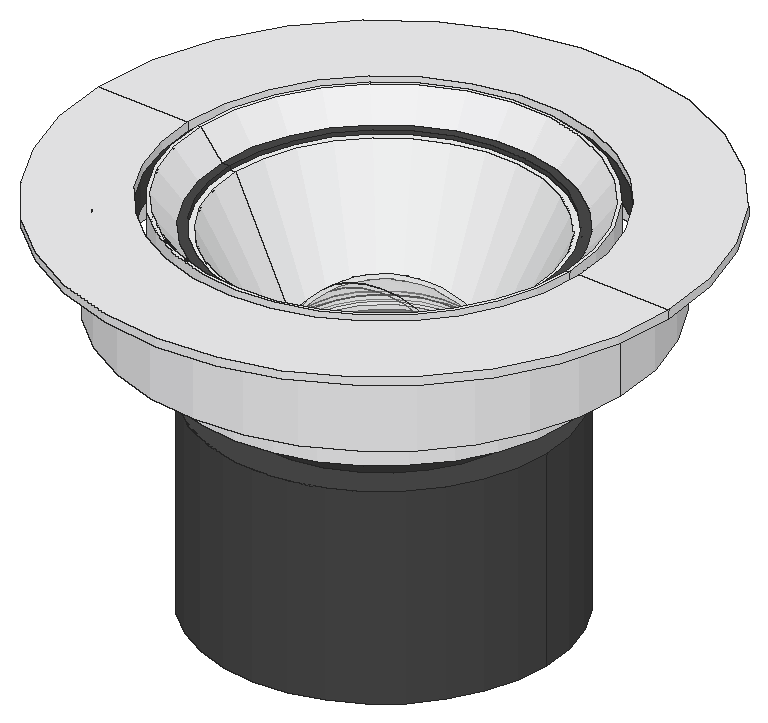
Revit family "2070077", category Lighting Fixtures, host Face, Revit 2018
Family settings
  Host = Face
  Round Connector Dimension = Use Diameter
  Part Type = Normal
  OmniClass Number = 23.80.70.11.17
  OmniClass Title = Specialized Lighting by Location or Use
  Cut with Voids When Loaded = No
  Light Source = No
  Shared = No
  Room Calculation Point = No
Parameters (values of type "2070077 EXPOSPOT 90 ADJ HO RA90 4000K MB WHITE")
  Weight = 0.77 kg  # constant formula
  Total Power Consumption = 27.9994 W
  Reflector Material = Aluminum_Sylvania_Expospot_Polished
  Radius = Diameter / 2  # 75.0 mm
  Product Code = "0060262"
  Photometric Web File = IES_Expospot_90_Adjustable : 0060295
  Photobiological Risk Group = "RG1"  # constant formula
  Nominal Frequency = "50/60Hz"  # constant formula
  Mounting Outer Radius = Head Radius + 3.0 mm  # 52.0 mm
  Max. Luminaires per 20A C Breaker = "45"  # constant formula
  Max. Luminaires per 20A B Breaker = "27"  # constant formula
  Max. Luminaires per 16A C Breaker = "35"  # constant formula
  Max. Luminaires per 16A B Breaker = "21"  # constant formula
  Max. Luminaires per 13A C Breaker = "28"  # constant formula
  Max. Luminaires per 13A B Breaker = "17"  # constant formula
  Max. Luminaires per 10A C Breaker = "21"  # constant formula
  Max. Luminaires per 10A B Breaker = "13"  # constant formula
  Light Loss Factor = 1  # constant formula
  Lamp Power Factor = 0.92
  LOR = "100%"  # constant formula
  Keynote = "n/a"
  Inrush Duration = "250µs"  # constant formula
  Inrush Current = 19.4 A  # constant formula
  Initial Intensity = 3126 lm
  Initial Color = 3000 K
  IP Rating = "IP20"  # constant formula
  IK Rating = "IK02"  # constant formula
  Height = 103.0 mm  # constant formula
  Voltage Comments = "220-240V~"  # constant formula
  Voltage = 240 V  # constant formula
  URL = "0.95"
  Product Page URL = "http://www.sylvania-lighting.com/product/en-int/products/0060262"
  Product Family = "EXPOSPOT 90 ADJUSTABLE"  # constant formula
  Head Radius = Radius - 26.0 mm  # 49.0 mm
  Head Diameter = Head Radius * 2  # 98.0 mm
  Head Angle [instance] = 0°
  Glow Wire Test = 850 °C  # constant formula
  Electrical Protection = "Class II"  # constant formula
  Drive Current = "700mA"  # constant formula
  Dimmable = "N"  # constant formula
  Diffuser Material = Acrylic_Sylvania_Expospot_3000K
  Diameter = 150.0 mm  # constant formula
  Cutout Diameter = Diameter - 10.0 mm  # 140.0 mm
  Created by URL = "http://all1studio.com/"
  Created by = "All 1 Studio Ltd. "  # constant formula
  Control Gear Type = "Electronic"  # constant formula
  Control Gear Required = "No"  # constant formula
  Control Gear Mounting = "Remote"  # constant formula
  Colour Variation Initial = "3SDCM"  # constant formula
  built-in parameter 1114216 [instance] = 1 (stored number, unit not read)
  Model = "EXPOSPOT 90 ADJUSTABLE HO RA90 4000K MB WHITE"
  Manufacturer = "Feilo Sylvania"  # constant formula
  Lamp = "LED"  # constant formula
  CRI = "80Ra"
  Body Material = Aluminum_Sylvania_Expospot_White
  Description = "Specifically designed for Retail and Display applications. I.e. Supermarkets Fashion Retail Department stores. Build around a 90mm reflector and lens combination."  # constant formula
  Default Elevation = 0.0 mm
  built-in parameter 1140040 [instance] = 1
  Beam Angle = 47°
  Average Life = "50 000h"  # constant formula
  Assembly Code = "D5020200"
  Apparent Load Comments = ""
  Apparent Load = 35 VA
  Body Secondary Material = Plastic_Sylvania_Expospot_Black
Reference planes
  plane 1 "Center (Front/Back)": y = 0
  plane 2: z = 0
  plane 3 "Center (Left/Right)": x = -7.423
  plane 4: z = 2
  plane 5: z = -22.5
  plane 6: x = -82.423
  plane 7: z = -5
Forms (mm)
  Revolve 1, solid, material "Aluminum_Sylvania_Expospot_White" <- "Body Material", detail levels fine
    sketch origin (0, 0, 0) x (1, 0, 0) y (0, 0, 1)
      loop
        line (-82.423, 2) -> (-82.423, 0) -> (-69.923, 0) -> (-69.923, -22.5) -> (-67.923, -22.5) -> (-67.923, 0) -> (-58.923, 0) -> (-58.923, 2) -> (-82.423, 2)
      axis (-7.423, 2) -> (-7.423, -22.5)
    angle from 0 to 360
  Revolve 2, solid, material "Plastic_Sylvania_Expospot_Black" <- "Body Secondary Material", detail levels fine
    sketch origin (0, 0, 0) x (1, 0, 0) y (0, 0, 1)
      loop
        line (-67.923, 0) -> (-67.923, -1.5) -> (-60.923, -1.5) -> (-60.923, -8.5) -> (-59.423, -8.5) -> (-59.423, 0) -> (-67.923, 0)
      axis (-7.423, 0) -> (-7.423, -8.5)
    angle from 0 to 360
  Extrusion 3, void
    sketch origin (0, 0, 0) x (1, 0, 0) y (0, 1, 0)
      loop
        circle (-7.423, 0) r 70
    from -116.997 to 69.443
  Extrusion 4, solid, material "Aluminum_Sylvania_Expospot_White" <- "Body Material", detail levels fine
    sketch origin (-7.423, 0, 0) x (0, 1, 0) y (0, 0, 1)
      loop
        circle (0, -5) r 3.5
    from 49 <- "Head Radius" to 52 <- "Mounting Outer Radius"
  Extrusion 5, solid, material "Aluminum_Sylvania_Expospot_White" <- "Body Material", detail levels fine
    sketch origin (-7.423, 0, 0) x (0, 1, 0) y (0, 0, -1)
      loop
        circle (0, 5) r 3.5
    from 49 <- "Head Radius" to 52 <- "Mounting Outer Radius"
  Revolve 6, solid, material "Aluminum_Sylvania_Expospot_White" <- "Body Material", detail levels coarse+medium
    sketch origin (0, 0, 0) x (1, 0, 0) y (0, 0, 1)
      loop
        line (-82.423, 2) -> (-82.423, 0) -> (-69.923, 0) -> (-69.923, -22.5) -> (-67.923, -22.5) -> (-67.923, -8.5) -> (-58.923, -8.5) -> (-58.923, 2) -> (-82.423, 2)
      axis (-7.423, 2) -> (-7.423, -22.5)
    angle from 0 to 360
Lines and regions (mm)
  Masking region 1
    outline origin (0, 0, 0) x (1, 0, 0) y (0, 1, 0)
      loop
        circle (-7.423, 0) r 75
  reference lines
    curve 1: line (-7.423, 0, -5) -> (-7.423, 0, -60)
  symbolic lines, detail levels fine
    curve 2: arc (-58.923, 0, 0) -> (-7.423, 51.5, 0) -> (44.077, 0, 0) r 51.5
    curve 3: arc (44.077, 0, 0) -> (-7.423, -51.5, 0) -> (-58.923, 0, 0) r 51.5
Dimensions and locks
  plane 4 to plane 2 to plane 7 to plane 5 = 2.0 mm locked, 5.0 mm locked, 17.5 mm locked
  "Radius": plane 6 to plane 3 "Center (Left/Right)"
  "Cutout Diameter": diameter of Extrusion 3 sketch curve
  "Head Angle": angle plane 1 "Center (Front/Back)" to curve 1
  aligned and locked: host face to plane 2
  aligned and locked: host face to level
  aligned and locked: plane 6 to Revolve 1 sketch curve
  aligned and locked: Revolve 1 sketch curve to plane 3 "Center (Left/Right)"
  aligned and locked: plane 1 "Center (Front/Back)" to curve 1
  aligned and locked: plane 7 to curve 1
  aligned and locked: plane 6 to Revolve 6 sketch curve
Automatic sketch dimensions
  host sketch curve to host sketch curve = 1412.252 mm
  host sketch curve to host sketch curve = 1359.6 mm
  Revolve 1 sketch curve to level = 0.0 mm  (x2)
  Revolve 1 sketch curve to plane 5 = 0.0 mm
  Revolve 1 sketch curve to plane 4 = 0.0 mm
  Revolve 1 sketch curve to Revolve 1 sketch curve = 12.5 mm
  Revolve 1 sketch curve to Revolve 1 sketch curve = 2.0 mm
  Revolve 1 sketch curve to Revolve 1 sketch curve = 9.0 mm
  Revolve 1 sketch curve to plane 5 = 349.774 mm
  plane 4 to Revolve 1 sketch curve = 1145.706 mm
  Revolve 2 sketch curve to level = 0.0 mm
  Revolve 2 sketch curve to plane 3 "Center (Left/Right)" = 0.0 mm
  Revolve 2 sketch curve to plane 6 = 23.0 mm
  Revolve 2 sketch curve to Revolve 2 sketch curve = 1.5 mm
  Revolve 2 sketch curve to level = 1.5 mm
  Revolve 2 sketch curve to Revolve 2 sketch curve = 7.0 mm
  Revolve 2 sketch curve to plane 7 = 3.5 mm
  Revolve 2 sketch curve to plane 5 = 349.774 mm
  plane 4 to Revolve 2 sketch curve = 1145.706 mm
  plane 1 "Center (Front/Back)" to Extrusion 3 sketch curve = 0.0 mm
  Extrusion 3 sketch curve to plane 3 "Center (Left/Right)" = 0.0 mm
  Extrusion 4 sketch curve to plane 1 "Center (Front/Back)" = 0.0 mm
  Extrusion 4 sketch curve to plane 7 = 0.0 mm
  Extrusion 5 sketch curve to plane 1 "Center (Front/Back)" = 0.0 mm
  Extrusion 5 sketch curve to plane 7 = 0.0 mm
  Revolve 6 sketch curve to level = 0.0 mm
  Revolve 6 sketch curve to plane 5 = 0.0 mm
  Revolve 6 sketch curve to plane 4 = 0.0 mm
  Revolve 6 sketch curve to plane 3 "Center (Left/Right)" = 0.0 mm
  Revolve 6 sketch curve to plane 6 = 12.5 mm
  Revolve 6 sketch curve to plane 7 = 3.5 mm
  Revolve 6 sketch curve to Revolve 6 sketch curve = 9.0 mm
  Revolve 6 sketch curve to plane 5 = 349.774 mm
  plane 4 to Revolve 6 sketch curve = 1145.706 mm
  Revolve 6 sketch curve to Revolve 6 sketch curve = 2.0 mm
  Masking region 1 sketch curve to Masking region 1 sketch curve = 0.0 mm  (x2)
  plane 1 "Center (Front/Back)" to Masking region 1 sketch curve = 0.0 mm
  Masking region 1 sketch curve to plane 6 = 0.0 mm
  Masking region 1 sketch curve to plane 3 "Center (Left/Right)" = 0.0 mm
  curve 2 to curve 3 = 0.0 mm  (x2)
  plane 1 "Center (Front/Back)" to curve 2 = 0.0 mm
  curve 3 to plane 3 "Center (Left/Right)" = 0.0 mm
  curve 3 to plane 6 = 23.5 mm
  radius of Extrusion 4 sketch curve = 3.5 mm
  radius of Extrusion 5 sketch curve = 3.5 mm
Nested families
  nested 1: "Head_Expospot 90" at (-7.423, 0, 2), type "Head_Expospot 90"
  nested 2: "IES_Expospot_90_Adjustable" at (-7.423, 0, 2), type <- "Photometric Web File", type "0060295"
Connectors
  electrical at (-7.423, 0, -101), driven by "Voltage", driven by "Apparent Load", driven by "Lamp Power Factor"
    settings: on nested 1, index 1, voltage 240 V, apparent load 0 VA, apparent load phase1 35 VA, apparent load phase2 0 VA, apparent load phase3 0 VA, power factor 0.92, load classification "Lighting", number of poles 1, system type 31, power factor state 1, is connector primary yes, connector utility no, sub classification motor no, connector description ""
Definition of nested family "Head_Expospot 90"
  Parameters (values of type "Head_Expospot 90")
    Reflector Material = none
    Radius = 49.0 mm
    Height = 103.0 mm
    Diffuser Material = none
    Default Elevation = 0.0 mm
    Cooling Radius = Radius - 6.0 mm  # 43.0 mm
    Body Secondary Material = none
    Body Material = none
  Reference planes
    plane 1 "Center (Front/Back)": y = 0
    plane 2: z = 0
    plane 3 "Center (Left/Right)": x = 0
    plane 4: z = -35.5
    plane 5: z = -6.5
    plane 6 "Fixture Radius": x = -49
    plane 7: z = -45
    plane 8: z = -95
    plane 9: z = -103
    plane 10 "Diffuser Radius": x = -24.5
    plane 11: z = -36.5
  Forms (mm)
    Revolve 1, solid, material <- "Body Material", detail levels fine
      sketch origin (0, 0, 0) x (1, 0, 0) y (0, 0, 1)
        loop
          line (-49, 0) -> (-49, -35.5) -> (-47, -35.5) -> (-47, -4.542) -> (-45.357, -6.5) -> (-42.746, -6.5) -> (-48.2, 0) -> (-49, 0)
        axis (0, 0) -> (0, -35.5)
      angle from 0 to 360
    Revolve 2, solid, material <- "Reflector Material", detail levels fine
      sketch origin (0, 0, 0) x (1, 0, 0) y (0, 0, 1)
        loop
          line (-41, -7.5) -> (-41, -8.5) -> (-39.623, -8.5) -> (-25.123, -37.5) -> (-20.5, -37.5) -> (-20.5, -36.5) -> (-24.5, -36.5) -> (-39, -7.5) -> (-41, -7.5)
        axis (0, -7.5) -> (0, -37.5)
      angle from 0 to 360
    Revolve 3, solid, material <- "Body Secondary Material", detail levels fine
      sketch origin (0, 0, 0) x (1, 0, 0) y (0, 0, 1)
        loop
          line (-47, -6.5) -> (-47, -35.5) -> (-42.5, -35.5) -> (-35.078, -45) -> (0, -45) -> (0, -37.5) -> (-24.5, -37.5) -> (-24.5, -44) -> (-34.59, -44) -> (-42.012, -34.5) -> (-46, -34.5) -> (-46, -7.5) -> (-40.5, -7.5) -> (-40.5, -6.5) -> (-47, -6.5)
        axis (0, -6.5) -> (0, -45)
      angle from 0 to 360
    Revolve 4, solid, material <- "Body Secondary Material", detail levels fine
      sketch origin (0, 0, 0) x (1, 0, 0) y (0, 0, 1)
        loop
          line (-30, -95) -> (-30, -97) -> (-28, -103) -> (0, -103) -> (0, -95) -> (-30, -95)
        axis (0, -95) -> (0, -103)
      angle from 0 to 360
    Extrusion 5, solid, material <- "Body Secondary Material", detail levels fine
      sketch origin (0, 0, 0) x (1, 0, 0) y (0, 1, 0)
        loop
          circle (0, 0) r 43
      from -95 to -45
    Extrusion 6, solid, material <- "Body Material", detail levels coarse+medium
      sketch origin (0, 0, 0) x (1, 0, 0) y (0, 1, 0)
        loop
          circle (0, 0) r 49
      from -103 to 0
    Revolve 7, solid, material <- "Diffuser Material", detail levels fine
      sketch origin (0, 0, 0) x (1, 0, 0) y (0, 0, 1)
        loop
          line (-22.5, -34.5) -> (-22.5, -36.5) -> (-21.5, -36.5) -> (-21.5, -34.77)
          arc (-21.5, -34.77) -> (-12.378, -25.783) -> (0, -22.5) r 24.971
          line (0, -22.5) -> (0, -21.5)
          arc (0, -21.5) -> (-12.993, -24.984) -> (-22.5, -34.5) r 25.971
        axis (0, -21.5) -> (0, -36.5)
      angle from 0 to 360
  Dimensions and locks
    "Radius": plane 3 "Center (Left/Right)" to plane 6 "Fixture Radius"
    locked: Revolve 4 sketch curve to plane 6 "Fixture Radius" at 19
    locked: plane 10 "Diffuser Radius" to plane 6 "Fixture Radius" at 24.5
    Revolve 7 sketch curve to Revolve 7 sketch curve to plane 11 = 1.0 mm locked, 14.0 mm locked
    plane 10 "Diffuser Radius" to Revolve 7 sketch curve to Revolve 7 sketch curve = 2.0 mm locked, 1.0 mm locked
    "Height": plane 2 to plane 9
    locked: plane 8 to plane 9 at 8
    plane 2 to plane 5 to plane 4 to plane 11 to plane 7 = 6.5 mm locked, 29.0 mm locked, 1.0 mm locked, 8.5 mm locked
    "Radius": radius of Extrusion 6 sketch curve
    "Cooling Radius": radius of Extrusion 5 sketch curve
    aligned and locked: level to plane 2
    aligned and locked: Revolve 1 sketch curve to plane 6 "Fixture Radius"
    aligned and locked: Extrusion 5 to plane 8
    aligned and locked: plane 7 to Extrusion 5
    aligned and locked: Extrusion 6 to plane 9
    aligned and locked: plane 2 to Extrusion 6
    aligned and locked: Revolve 1 sketch curve to plane 4
  Automatic sketch dimensions
    Revolve 4 sketch curve to plane 8 = 0.0 mm
    Revolve 4 sketch curve to plane 9 = 0.0 mm
    Revolve 4 sketch curve to plane 3 "Center (Left/Right)" = 0.0 mm  (x2)
    Revolve 4 sketch curve to plane 8 = 2.0 mm
    Revolve 4 sketch curve to Revolve 4 sketch curve = 2.0 mm
    Revolve 4 sketch curve to plane 9 = 265.545 mm
    level to Revolve 4 sketch curve = 2214.315 mm
    Revolve 1 sketch curve to level = 0.0 mm
    Revolve 1 sketch curve to plane 3 "Center (Left/Right)" = 0.0 mm
    Revolve 1 sketch curve to Revolve 1 sketch curve = 0.8 mm
    Revolve 1 sketch curve to Revolve 1 sketch curve = 2.0 mm
    plane 5 to Revolve 1 sketch curve = 1.958 mm
    Revolve 1 sketch curve to plane 5 = 0.0 mm
    Revolve 1 sketch curve to Revolve 1 sketch curve = 1.643 mm
    Revolve 1 sketch curve to Revolve 1 sketch curve = 2.611 mm
    Revolve 1 sketch curve to plane 9 = 288.545 mm
    level to Revolve 1 sketch curve = 2214.315 mm
    plane 10 "Diffuser Radius" to Revolve 2 sketch curve = 0.0 mm
    Revolve 2 sketch curve to plane 3 "Center (Left/Right)" = 0.0 mm
    Revolve 2 sketch curve to plane 11 = 0.0 mm
    Revolve 2 sketch curve to plane 5 = 1.0 mm
    plane 6 "Fixture Radius" to Revolve 2 sketch curve = 10.0 mm
    Revolve 2 sketch curve to Revolve 2 sketch curve = 2.0 mm
    Revolve 2 sketch curve to plane 10 "Diffuser Radius" = 4.0 mm
    Revolve 2 sketch curve to Revolve 2 sketch curve = 383.045 mm
    Revolve 2 sketch curve to Revolve 2 sketch curve = 2221.815 mm
    plane 10 "Diffuser Radius" to Revolve 2 sketch curve = 0.623 mm
    Revolve 2 sketch curve to Revolve 2 sketch curve = 0.623 mm
    Revolve 2 sketch curve to Revolve 2 sketch curve = 1.0 mm
    Revolve 2 sketch curve to plane 11 = 1.0 mm
    Revolve 3 sketch curve to plane 5 = 0.0 mm
    Revolve 3 sketch curve to plane 4 = 0.0 mm
    Revolve 3 sketch curve to plane 7 = 0.0 mm
    plane 10 "Diffuser Radius" to Revolve 3 sketch curve = 0.0 mm
    Revolve 3 sketch curve to plane 3 "Center (Left/Right)" = 0.0 mm  (x2)
    plane 7 to Revolve 3 sketch curve = 1.0 mm
    plane 10 "Diffuser Radius" to Revolve 3 sketch curve = 10.09 mm
    Revolve 3 sketch curve to Revolve 3 sketch curve = 0.488 mm  (x2)
    Revolve 3 sketch curve to plane 5 = 1.0 mm
    plane 6 "Fixture Radius" to Revolve 3 sketch curve = 8.5 mm
    plane 4 to Revolve 3 sketch curve = 1.0 mm
    plane 6 "Fixture Radius" to Revolve 3 sketch curve = 6.988 mm
    plane 6 "Fixture Radius" to Revolve 3 sketch curve = 3.0 mm
    Revolve 3 sketch curve to Revolve 3 sketch curve = 1.0 mm
    Revolve 3 sketch curve to plane 9 = 265.545 mm
    level to Revolve 3 sketch curve = 2214.315 mm
    Revolve 3 sketch curve to plane 11 = 1.0 mm
    Revolve 7 sketch curve to Revolve 7 sketch curve = 0.0 mm
    Revolve 7 sketch curve to plane 11 = 0.0 mm
    Revolve 7 sketch curve to plane 3 "Center (Left/Right)" = 0.0 mm  (x2)
    plane 4 to Revolve 7 sketch curve = 0.73 mm
    Revolve 7 sketch curve to plane 9 = 278.0 mm
    level to Revolve 7 sketch curve = 156.383 mm
    plane 1 "Center (Front/Back)" to Extrusion 5 sketch curve = 0.0 mm
    Extrusion 5 sketch curve to plane 3 "Center (Left/Right)" = 0.0 mm
    plane 1 "Center (Front/Back)" to Extrusion 6 sketch curve = 0.0 mm
    Extrusion 6 sketch curve to plane 3 "Center (Left/Right)" = 0.0 mm
Definition of nested family "IES_Expospot_90_Adjustable"
  Parameters (values of type "0060286")
    Wattage = 34.9993 W
    built-in parameter 1150110 = 1 (stored number, unit not read)
    Total Power Consumption = 34.9993 W
    built-in parameter 1114217 = 1 (stored number, unit not read)
    Tilt Angle = -90°
    built-in parameter 1150109 = 1 (stored number, unit not read)
    built-in parameter 1150134 = (empty or 0)
    built-in parameter 1150113 = 1 (stored number, unit not read)
    Photometric Web File = "0060286.ies"
    built-in parameter 1150105 = 296.11 (stored number, unit not read)
    Lumens = 3721 lm
    built-in parameter 1150115 = 1 (stored number, unit not read)
    built-in parameter 1150137 = (empty or 0)
    built-in parameter 1150139 = (empty or 0)
    built-in parameter 1150112 = 1 (stored number, unit not read)
    built-in parameter 1150114 = 1 (stored number, unit not read)
    built-in parameter 1150132 = 2
    built-in parameter 1150102 = 3721
    built-in parameter 1150107 = 3000 (stored number, unit not read)
    built-in parameter 1150138 = 3000
    built-in parameter 1150106 = 2.9611 (stored number, unit not read)
    Emit from Circle Diameter = 98.0 mm
    Emit Shape Visible in Rendering = no
    built-in parameter 1150104 = 9.8771 (stored number, unit not read)
    Dimming Lamp Color Temperature Shift = (empty or 0)
    Default Elevation = 0.0 mm
    Color Filter = 16777215
    built-in parameter 1114218 = 1 (stored number, unit not read)
    built-in parameter 1150133 = 10 (stored number, unit not read)
    Apparent Load = 34.9993 VA
  Types (24, lengths in mm): name | Wattage | Total Power Consumption | built-in parameter 1150134 | Photometric Web File | built-in parameter 1150105 | Lumens | built-in parameter 1150102 | built-in parameter 1150107 | built-in parameter 1150138 | built-in parameter 1150106 | built-in parameter 1150104 | Apparent Load
    0060296 | 34.9993 W | 34.9993 W | 12 | "0060296.ies" | 276.85 (stored number, unit not read) | 3479 lm | 3479 | 4000 (stored number, unit not read) | 4000 | 2.7685 (stored number, unit not read) | 9.2348 (stored number, unit not read) | 34.9993 VA
    0060295 | 34.9993 W | 34.9993 W | 12 | "0060295.ies" | 275.18 (stored number, unit not read) | 3458 lm | 3458 | 4000 (stored number, unit not read) | 4000 | 2.7518 (stored number, unit not read) | 9.179 (stored number, unit not read) | 34.9993 VA
    0060294 | 34.9993 W | 34.9993 W | 12 | "0060294.ies" | 284.09 (stored number, unit not read) | 3570 lm | 3570 | 4000 (stored number, unit not read) | 4000 | 2.8409 (stored number, unit not read) | 9.4763 (stored number, unit not read) | 34.9993 VA
    0060293 | 34.9993 W | 34.9993 W | (empty or 0) | "0060293.ies" | 262.05 (stored number, unit not read) | 3293 lm | 3293 | 3000 (stored number, unit not read) | 3000 | 2.6205 (stored number, unit not read) | 8.741 (stored number, unit not read) | 34.9993 VA
    0060292 | 34.9993 W | 34.9993 W | (empty or 0) | "0060292.ies" | 253.06 (stored number, unit not read) | 3180 lm | 3180 | 3000 (stored number, unit not read) | 3000 | 2.5306 (stored number, unit not read) | 8.4411 (stored number, unit not read) | 34.9993 VA
    0060291 | 34.9993 W | 34.9993 W | (empty or 0) | "0060291.ies" | 268.1 (stored number, unit not read) | 3369 lm | 3369 | 3000 (stored number, unit not read) | 3000 | 2.681 (stored number, unit not read) | 8.9428 (stored number, unit not read) | 34.9993 VA
    0060290 | 34.9993 W | 34.9993 W | 12 | "0060290.ies" | 313.69 (stored number, unit not read) | 3942 lm | 3942 | 4000 (stored number, unit not read) | 4000 | 3.1369 (stored number, unit not read) | 10.464 (stored number, unit not read) | 34.9993 VA
    0060289 | 34.9993 W | 34.9993 W | 12 | "0060289.ies" | 306.53 (stored number, unit not read) | 3852 lm | 3852 | 4000 (stored number, unit not read) | 4000 | 3.0653 (stored number, unit not read) | 10.225 (stored number, unit not read) | 34.9993 VA
    0060288 | 34.9993 W | 34.9993 W | 12 | "0060288.ies" | 327.94 (stored number, unit not read) | 4121 lm | 4121 | 4000 (stored number, unit not read) | 4000 | 3.2794 (stored number, unit not read) | 10.939 (stored number, unit not read) | 34.9993 VA
    0060287 | 34.9993 W | 34.9993 W | (empty or 0) | "0060287.ies" | 297.3 (stored number, unit not read) | 3736 lm | 3736 | 3000 (stored number, unit not read) | 3000 | 2.973 (stored number, unit not read) | 9.9169 (stored number, unit not read) | 34.9993 VA
    0060286 | 34.9993 W | 34.9993 W | (empty or 0) | "0060286.ies" | 296.11 (stored number, unit not read) | 3721 lm | 3721 | 3000 (stored number, unit not read) | 3000 | 2.9611 (stored number, unit not read) | 9.8771 (stored number, unit not read) | 34.9993 VA
    0060272 | 27.9994 W | 27.9994 W | 12 | "0060272.ies" | 227.19 (stored number, unit not read) | 2855 lm | 2855 | 4000 (stored number, unit not read) | 4000 | 2.2719 (stored number, unit not read) | 9.473 (stored number, unit not read) | 27.9994 VA
    0060271 | 27.9994 W | 27.9994 W | 12 | "0060271.ies" | 225.68 (stored number, unit not read) | 2836 lm | 2836 | 4000 (stored number, unit not read) | 4000 | 2.2568 (stored number, unit not read) | 9.4099 (stored number, unit not read) | 27.9994 VA
    0060270 | 27.9994 W | 27.9994 W | 12 | "0060270.ies" | 221.94 (stored number, unit not read) | 2789 lm | 2789 | 4000 (stored number, unit not read) | 4000 | 2.2194 (stored number, unit not read) | 9.254 (stored number, unit not read) | 27.9994 VA
    0060269 | 27.9994 W | 27.9994 W | (empty or 0) | "0060269.ies" | 206.03 (stored number, unit not read) | 2589 lm | 2589 | 3000 (stored number, unit not read) | 3000 | 2.0603 (stored number, unit not read) | 8.5904 (stored number, unit not read) | 27.9994 VA
    0060268 | 27.9994 W | 27.9994 W | (empty or 0) | "0060268.ies" | 204.75 (stored number, unit not read) | 2573 lm | 2573 | 3000 (stored number, unit not read) | 3000 | 2.0475 (stored number, unit not read) | 8.5373 (stored number, unit not read) | 27.9994 VA
    0060267 | 27.9994 W | 27.9994 W | (empty or 0) | "0060267.ies" | 201.81 (stored number, unit not read) | 2536 lm | 2536 | 3000 (stored number, unit not read) | 3000 | 2.0181 (stored number, unit not read) | 8.4145 (stored number, unit not read) | 27.9994 VA
    0060266 | 27.9994 W | 27.9994 W | 12 | "0060266.ies" | 256.96 (stored number, unit not read) | 3229 lm | 3229 | 4000 (stored number, unit not read) | 4000 | 2.5696 (stored number, unit not read) | 10.714 (stored number, unit not read) | 27.9994 VA
    0060265 | 27.9994 W | 27.9994 W | 12 | "0060265.ies" | 257.19 (stored number, unit not read) | 3232 lm | 3232 | 4000 (stored number, unit not read) | 4000 | 2.5719 (stored number, unit not read) | 10.724 (stored number, unit not read) | 27.9994 VA
    0060264 | 27.9994 W | 27.9994 W | 12 | "0060264.ies" | 250.27 (stored number, unit not read) | 3145 lm | 3145 | 4000 (stored number, unit not read) | 4000 | 2.5027 (stored number, unit not read) | 10.435 (stored number, unit not read) | 27.9994 VA
    0060263 | 27.9994 W | 27.9994 W | (empty or 0) | "0060263.ies" | 252.58 (stored number, unit not read) | 3174 lm | 3174 | 3000 (stored number, unit not read) | 3000 | 2.5258 (stored number, unit not read) | 10.531 (stored number, unit not read) | 27.9994 VA
    0060262 | 27.9994 W | 27.9994 W | (empty or 0) | "0060262.ies" | 248.76 (stored number, unit not read) | 3126 lm | 3126 | 3000 (stored number, unit not read) | 3000 | 2.4876 (stored number, unit not read) | 10.372 (stored number, unit not read) | 27.9994 VA
    0060261 | 27.9993 W | 28 W | (empty or 0) | "0060261.ies" | 3140.4 (stored number, unit not read) | 3174 lm | 3479 | 3000 (stored number, unit not read) | 4000 | 31.404 (stored number, unit not read) | 10.531 (stored number, unit not read) | 28 VA
    0060285 | 35.0009 W | 34.9993 W | (empty or 0) | "0060285.ies" | 4452.3 (stored number, unit not read) | 3946 lm | 3721 | 3000 (stored number, unit not read) | 3000 | 44.523 (stored number, unit not read) | 10.474 (stored number, unit not read) | 34.9993 VA
  Reference planes
    plane 1 "Center (Front/Back)": y = 0
    plane 2: z = 0
    plane 3 "Center (Left/Right)": x = 0
  Dimensions and locks
    aligned and locked: level to plane 2
    aligned and locked: plane 3 "Center (Left/Right)" to imposter light
    aligned and locked: plane 1 "Center (Front/Back)" to imposter light
    aligned and locked: level to imposter light
